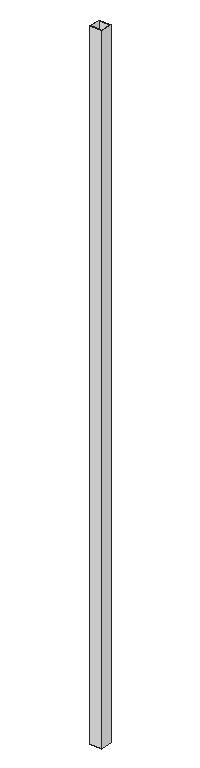
Revit family "角パイプ19×19×1.2", category 機械設備, Revit 2020
Family settings
  丸型コネクタ寸法 = 直径を使用
  種別 = なし
  パーツ タイプ = 標準
  作業面ベース = いいえ
  常に垂直 = はい
  ロード時にボイドで切り取り = いいえ
  共有 = いいえ
  部屋計算ポイント = いいえ
Parameters
  製造元 = "株式会社桐井製作所"
  既定の高さ = 0 mm
  URL = "https://www.kirii.co.jp/"
  K_長さ(mm) [instance] = 1000 mm
  K_材質 = "SGCC一般用　SGC340~570高強度一般用　SGHC一般用"
  K_材料規格 = "19×19×1.2"
  K_断面積A(mm2) = 81.7
  K_断面係数Zy(mm3) = 443.4
  K_断面係数Zx(mm3) = 443.4
  K_断面2次半径iy(mm) = 7.2
  K_断面2次半径ix(mm) = 7.2
  K_断面2次モーメントIy(mm4) = 4213
  K_断面2次モーメントIx(mm4) = 4213
  K_品名 = "角パイプ19×19×1.2"
  K_名称 = "圧縮補強材"
  K_単位質量(kg/m) = 0.66
  K_ヤング係数E(N/mm2) = 205000
  K_バージョン情報 = "20210714"
  K_めっき付着量 = "Z12"
  K_JIS規格 = "JIS G 3302"
Reference planes
  plane 1 "中心(正面/背面)": y = 0
  plane 2: z = 0
  plane 3 "中心(左/右)": x = 0
  plane 4: x = 9.5
  plane 5: x = -9.5
  plane 6: z = 1000
Forms (mm)
  Extrusion 1, solid
    sketch origin (0, 0, 0) x (1, 0, 0) y (0, 1, 0)
      loop
        line (-9.5, -9.5) -> (9.5, -9.5) -> (9.5, 9.5) -> (-9.5, 9.5) -> (-9.5, -9.5)
      loop
        line (-8.3, -8.3) -> (8.3, -8.3) -> (8.3, 8.3) -> (-8.3, 8.3) -> (-8.3, -8.3)
    from 0 to 1000
Dimensions and locks
  "K_長さ(mm)": plane 6 to plane 2
  aligned and locked: level to plane 2
  aligned and locked: plane 6 to Extrusion 1
  aligned and locked: plane 5 to Extrusion 1
  aligned and locked: plane 4 to Extrusion 1
Automatic sketch dimensions
  Extrusion 1 sketch curve to plane 5 = 0 mm
  Extrusion 1 sketch curve to plane 4 = 0 mm
  plane 5 to Extrusion 1 sketch curve = 1.2 mm
  Extrusion 1 sketch curve to plane 4 = 1.2 mm
  plane 1 "中心(正面/背面)" to Extrusion 1 sketch curve = 9.5 mm
  Extrusion 1 sketch curve to Extrusion 1 sketch curve = 1.2 mm  (x2)
  Extrusion 1 sketch curve to plane 1 "中心(正面/背面)" = 8.3 mm
